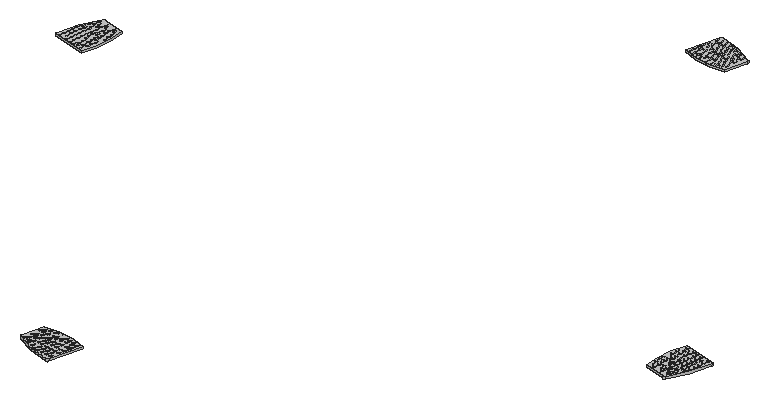
Revit family "PS-C83RT z", category Generic Models, host Ceiling, Revit 2016
Family settings
  Host = Ceiling
  Part Type = Normal
  Can host rebar = No
  Round Connector Dimension = Use Diameter
  Work Plane-Based = No
  Always vertical = Yes
  Cut with Voids When Loaded = No
  Shared = No
  Room Calculation Point = No
Parameters (values of type "Default")
  Width = "11.06"
  Weight Product = "13.41"
  Weight Dimensional = "21.54"
  Speaker Data Link = "https://www.sonance.com/assets/media/files/downloads/PS_C83RT_040438.gll"
  Sensitivity = "91"
  SPL Max = "110"
  Regulatory Compliance = "UL 1480, UL 2043, NFPA 90A, NFPA 70"
  Product Page URL = "https://www.sonance.com/professionalseries/psc83rt"
  Product Documentation Link = "https://www.sonance.com/assets/media/files/downloads/Pro_Series_Spec_Sheet_No_Pricing_040802.pdf"
  Power Peak = "160"
  Power Handling = "160"
  Part Number = "45132"
  Model = "PS-C83RT"
  Manufacturer URL = "https://www.sonance.com"
  Manufacturer = "Sonance"
  Low-Frequency Driver = "8” (203mm) Polypropylene Cone, Butyl Rubber Surround"
  Knockout = "one, side-mounted 0.75\""
  Input Connector = "Four pin Euroblock with loop output connections"
  Impedance = "8"
  High-Frequency Driver = "1” (25mm) Cloth Dome, Pivoting, Ferrofluid cooled"
  Height = "11.06"
  Grille = "Supplied with bezel-less white grille. Optional black grille, or square adapter with black or white grille"
  Frequency Range (-3dB) = "55Hz-20kHz"
  Frequency Range (-10dB) = "41Hz-25kHz"
  Directivity Factor (Q) = "7.6"
  Directivity (DI) = "8.1"
  Description = "8\" 2-way Round In-ceiling Speaker with 70V/100V transformer for commercial applications"
  Depth = "9.84"
  Coverage Vertical = "120"
  Coverage Horizontal = "120"
  70V Taps = "7.5, 15, 30, 60"
  100V Taps = "15, 30, 60"
Reference planes (in)
  plane 1 "Center (Front/Back)": y = 0
  plane 2 "Ceiling": z = 96
  plane 3 "Center (Left/Right)": x = 0
  plane 4 "a": z = 96.75591
Forms (in)
  Extrusion 1, solid, material "192-192-192-0-0.400000005960464_(1)"
    sketch origin (0.97325, 0.45677, 96.81743) x (-0.992793, 0.119839, 0) y (-0.119839, -0.992793, 0)
      loop
        line (-3.49586, 1.10038) -> (-3.77918, 1.1402)
        arc (-3.77918, 1.1402) -> (-3.79607, 1.13774) -> (-3.8065, 1.12423) r 0.02274
        arc (-3.8065, 1.12423) -> (-3.90086, 0.87131) -> (-3.95126, 0.6061) r 1.59618
        arc (-3.95126, 0.6061) -> (-3.94934, 0.58863) -> (-3.93554, 0.57775) r 0.02274
        line (-3.93554, 0.57775) -> (-3.49658, 0.51605)
        arc (-3.49658, 0.51605) -> (-3.45664, 0.80817) -> (-3.49586, 1.10038) r 1.09806
      loop
        line (-3.86102, 0.84031) -> (-3.88604, 0.87071) -> (-3.89986, 0.83385) -> (-3.86102, 0.84031)
      loop
        line (-3.86444, 0.77812) -> (-3.88946, 0.80852) -> (-3.90328, 0.77166) -> (-3.86444, 0.77812)
      loop
        line (-3.86431, 0.71788) -> (-3.88933, 0.74828) -> (-3.90314, 0.71142) -> (-3.86431, 0.71788)
      loop
        line (-3.86153, 0.65524) -> (-3.88654, 0.68563) -> (-3.90036, 0.64877) -> (-3.86153, 0.65524)
      loop
        line (-3.86495, 0.59304) -> (-3.88996, 0.62344) -> (-3.90378, 0.58658) -> (-3.86495, 0.59304)
      loop
        line (-3.79006, 0.87065) -> (-3.81508, 0.90105) -> (-3.8289, 0.86419) -> (-3.79006, 0.87065)
      loop
        line (-3.80409, 0.81666) -> (-3.82911, 0.84706) -> (-3.84293, 0.81019) -> (-3.80409, 0.81666)
      loop
        line (-3.80751, 0.75447) -> (-3.83253, 0.78487) -> (-3.84635, 0.748) -> (-3.80751, 0.75447)
      loop
        line (-3.80738, 0.69423) -> (-3.8324, 0.72463) -> (-3.84622, 0.68776) -> (-3.80738, 0.69423)
      loop
        line (-3.8046, 0.63158) -> (-3.82962, 0.66198) -> (-3.84343, 0.62511) -> (-3.8046, 0.63158)
      loop
        line (-3.73955, 0.88841) -> (-3.76457, 0.91881) -> (-3.77838, 0.88195) -> (-3.73955, 0.88841)
      loop
        line (-3.7496, 0.83508) -> (-3.77462, 0.86548) -> (-3.78843, 0.82862) -> (-3.7496, 0.83508)
      loop
        line (-3.75302, 0.77289) -> (-3.77804, 0.80329) -> (-3.79185, 0.76643) -> (-3.75302, 0.77289)
      loop
        line (-3.75289, 0.71265) -> (-3.7779, 0.74305) -> (-3.79172, 0.70619) -> (-3.75289, 0.71265)
      loop
        line (-3.7501, 0.65) -> (-3.77512, 0.6804) -> (-3.78894, 0.64354) -> (-3.7501, 0.65)
      loop
        line (-3.75352, 0.58781) -> (-3.77854, 0.61821) -> (-3.79236, 0.58135) -> (-3.75352, 0.58781)
      loop
        line (-3.68171, 0.87157) -> (-3.70673, 0.90197) -> (-3.72055, 0.86511) -> (-3.68171, 0.87157)
      loop
        line (-3.69013, 0.8097) -> (-3.71515, 0.8401) -> (-3.72896, 0.80323) -> (-3.69013, 0.8097)
      loop
        line (-3.68973, 0.74492) -> (-3.71475, 0.77532) -> (-3.72856, 0.73845) -> (-3.68973, 0.74492)
      loop
        line (-3.68451, 0.68123) -> (-3.70952, 0.71163) -> (-3.72334, 0.67476) -> (-3.68451, 0.68123)
      loop
        line (-3.69318, 0.62635) -> (-3.7182, 0.65675) -> (-3.73201, 0.61988) -> (-3.69318, 0.62635)
      loop
        line (-3.62903, 0.90294) -> (-3.65405, 0.93334) -> (-3.66787, 0.89647) -> (-3.62903, 0.90294)
      loop
        line (-3.63999, 0.84279) -> (-3.66501, 0.87319) -> (-3.67883, 0.83632) -> (-3.63999, 0.84279)
      loop
        line (-3.63736, 0.78951) -> (-3.66238, 0.81991) -> (-3.6762, 0.78304) -> (-3.63736, 0.78951)
      loop
        line (-3.6261, 0.73473) -> (-3.65112, 0.76512) -> (-3.66493, 0.72826) -> (-3.6261, 0.73473)
      loop
        line (-3.61132, 0.6788) -> (-3.63634, 0.7092) -> (-3.65015, 0.67234) -> (-3.61132, 0.6788)
      loop
        line (-3.60578, 0.61611) -> (-3.6308, 0.64651) -> (-3.64462, 0.60965) -> (-3.60578, 0.61611)
      loop
        line (-3.59524, 0.8671) -> (-3.62026, 0.8975) -> (-3.63407, 0.86064) -> (-3.59524, 0.8671)
      loop
        line (-3.56947, 0.81177) -> (-3.59449, 0.84217) -> (-3.60831, 0.80531) -> (-3.56947, 0.81177)
      loop
        line (-3.55753, 0.75031) -> (-3.58255, 0.78071) -> (-3.59637, 0.74384) -> (-3.55753, 0.75031)
      loop
        line (-3.5459, 0.68785) -> (-3.57092, 0.71825) -> (-3.58474, 0.68138) -> (-3.5459, 0.68785)
      loop
        line (-3.53948, 0.61586) -> (-3.56691, 0.64919) -> (-3.58206, 0.60877) -> (-3.53948, 0.61586)
      loop
        line (-3.54954, 1.06351) -> (-3.57456, 1.09391) -> (-3.58838, 1.05705) -> (-3.54954, 1.06351)
      loop
        line (-3.5605, 1.00337) -> (-3.58552, 1.03377) -> (-3.59934, 0.9969) -> (-3.5605, 1.00337)
      loop
        line (-3.55788, 0.95009) -> (-3.58289, 0.98048) -> (-3.59671, 0.94362) -> (-3.55788, 0.95009)
      loop
        line (-3.54661, 0.8953) -> (-3.57163, 0.9257) -> (-3.58544, 0.88884) -> (-3.54661, 0.8953)
      loop
        line (-3.53183, 0.83938) -> (-3.55685, 0.86978) -> (-3.57066, 0.83291) -> (-3.53183, 0.83938)
      loop
        line (-3.52629, 0.77669) -> (-3.55131, 0.80709) -> (-3.56513, 0.77022) -> (-3.52629, 0.77669)
      loop
        line (-3.51575, 1.02768) -> (-3.54077, 1.05808) -> (-3.55458, 1.02121) -> (-3.51575, 1.02768)
      loop
        line (-3.48998, 0.97235) -> (-3.515, 1.00275) -> (-3.52882, 0.96588) -> (-3.48998, 0.97235)
      loop
        line (-3.47804, 0.91089) -> (-3.50306, 0.94129) -> (-3.51688, 0.90442) -> (-3.47804, 0.91089)
      loop
        line (-3.46641, 0.84842) -> (-3.49143, 0.87882) -> (-3.50525, 0.84196) -> (-3.46641, 0.84842)
      loop
        line (-3.66945, 1.06351) -> (-3.69447, 1.09391) -> (-3.70829, 1.05705) -> (-3.66945, 1.06351)
      loop
        line (-3.68041, 1.00337) -> (-3.70543, 1.03377) -> (-3.71924, 0.9969) -> (-3.68041, 1.00337)
      loop
        line (-3.67163, 0.93932) -> (-3.69665, 0.96972) -> (-3.71047, 0.93285) -> (-3.67163, 0.93932)
      loop
        line (-3.63566, 1.02768) -> (-3.66067, 1.05808) -> (-3.67449, 1.02121) -> (-3.63566, 1.02768)
      loop
        line (-3.60989, 0.97235) -> (-3.63491, 1.00275) -> (-3.64873, 0.96588) -> (-3.60989, 0.97235)
      loop
        line (-3.7685, 1.06351) -> (-3.79352, 1.09391) -> (-3.80734, 1.05705) -> (-3.7685, 1.06351)
      loop
        line (-3.77946, 1.00337) -> (-3.80448, 1.03377) -> (-3.8183, 0.9969) -> (-3.77946, 1.00337)
      loop
        line (-3.763, 0.94547) -> (-3.78801, 0.97587) -> (-3.80183, 0.939) -> (-3.763, 0.94547)
      loop
        line (-3.73471, 1.02768) -> (-3.75973, 1.05808) -> (-3.77355, 1.02121) -> (-3.73471, 1.02768)
      loop
        line (-3.70895, 0.97235) -> (-3.73396, 1.00275) -> (-3.74778, 0.96588) -> (-3.70895, 0.97235)
      loop
        line (-3.48679, 0.74001) -> (-3.51181, 0.77041) -> (-3.52562, 0.73354) -> (-3.48679, 0.74001)
      loop
        line (-3.49775, 0.67986) -> (-3.52277, 0.71026) -> (-3.53658, 0.67339) -> (-3.49775, 0.67986)
      loop
        line (-3.49512, 0.62658) -> (-3.52014, 0.65698) -> (-3.53396, 0.62011) -> (-3.49512, 0.62658)
      loop
        line (-3.68476, 0.57161) -> (-3.70978, 0.60201) -> (-3.7236, 0.56514) -> (-3.68476, 0.57161)
      loop
        line (-3.62702, 0.56198) -> (-3.65204, 0.59238) -> (-3.66586, 0.55551) -> (-3.62702, 0.56198)
      loop
        line (-3.58025, 0.56977) -> (-3.60527, 0.60017) -> (-3.61909, 0.5633) -> (-3.58025, 0.56977)
      loop
        line (-3.52242, 0.5593) -> (-3.54744, 0.5897) -> (-3.56126, 0.55284) -> (-3.52242, 0.5593)
      loop
        line (-3.82985, 0.89057) -> (-3.85487, 0.92097) -> (-3.86869, 0.8841) -> (-3.82985, 0.89057)
      loop
        line (-3.81355, 0.96385) -> (-3.83857, 0.99425) -> (-3.85239, 0.95738) -> (-3.81355, 0.96385)
    from 0.63976 to 0.66455
  Extrusion 2, solid, material "192-192-192-0-0.400000005960464_(1)"
    sketch origin (-0.45617, 0.97353, 96.81743) x (-0.12045, -0.992719, 0) y (0.992719, -0.12045, 0)
      loop
        line (-3.49586, 1.10038) -> (-3.77918, 1.1402)
        arc (-3.77918, 1.1402) -> (-3.79607, 1.13774) -> (-3.8065, 1.12423) r 0.02274
        arc (-3.8065, 1.12423) -> (-3.90086, 0.87131) -> (-3.95126, 0.6061) r 1.59618
        arc (-3.95126, 0.6061) -> (-3.94934, 0.58863) -> (-3.93554, 0.57775) r 0.02274
        line (-3.93554, 0.57775) -> (-3.49658, 0.51605)
        arc (-3.49658, 0.51605) -> (-3.45664, 0.80817) -> (-3.49586, 1.10038) r 1.09806
      loop
        line (-3.86102, 0.84031) -> (-3.88604, 0.87071) -> (-3.89986, 0.83385) -> (-3.86102, 0.84031)
      loop
        line (-3.86444, 0.77812) -> (-3.88946, 0.80852) -> (-3.90328, 0.77166) -> (-3.86444, 0.77812)
      loop
        line (-3.86431, 0.71788) -> (-3.88933, 0.74828) -> (-3.90314, 0.71142) -> (-3.86431, 0.71788)
      loop
        line (-3.86153, 0.65524) -> (-3.88654, 0.68563) -> (-3.90036, 0.64877) -> (-3.86153, 0.65524)
      loop
        line (-3.86495, 0.59304) -> (-3.88996, 0.62344) -> (-3.90378, 0.58658) -> (-3.86495, 0.59304)
      loop
        line (-3.79006, 0.87065) -> (-3.81508, 0.90105) -> (-3.8289, 0.86419) -> (-3.79006, 0.87065)
      loop
        line (-3.80409, 0.81666) -> (-3.82911, 0.84706) -> (-3.84293, 0.81019) -> (-3.80409, 0.81666)
      loop
        line (-3.80751, 0.75447) -> (-3.83253, 0.78487) -> (-3.84635, 0.748) -> (-3.80751, 0.75447)
      loop
        line (-3.80738, 0.69423) -> (-3.8324, 0.72463) -> (-3.84622, 0.68776) -> (-3.80738, 0.69423)
      loop
        line (-3.8046, 0.63158) -> (-3.82962, 0.66198) -> (-3.84343, 0.62511) -> (-3.8046, 0.63158)
      loop
        line (-3.73955, 0.88841) -> (-3.76457, 0.91881) -> (-3.77838, 0.88195) -> (-3.73955, 0.88841)
      loop
        line (-3.7496, 0.83508) -> (-3.77462, 0.86548) -> (-3.78843, 0.82862) -> (-3.7496, 0.83508)
      loop
        line (-3.75302, 0.77289) -> (-3.77804, 0.80329) -> (-3.79185, 0.76643) -> (-3.75302, 0.77289)
      loop
        line (-3.75289, 0.71265) -> (-3.7779, 0.74305) -> (-3.79172, 0.70619) -> (-3.75289, 0.71265)
      loop
        line (-3.7501, 0.65) -> (-3.77512, 0.6804) -> (-3.78894, 0.64354) -> (-3.7501, 0.65)
      loop
        line (-3.75352, 0.58781) -> (-3.77854, 0.61821) -> (-3.79236, 0.58135) -> (-3.75352, 0.58781)
      loop
        line (-3.68171, 0.87157) -> (-3.70673, 0.90197) -> (-3.72055, 0.86511) -> (-3.68171, 0.87157)
      loop
        line (-3.69013, 0.8097) -> (-3.71515, 0.8401) -> (-3.72896, 0.80323) -> (-3.69013, 0.8097)
      loop
        line (-3.68973, 0.74492) -> (-3.71475, 0.77532) -> (-3.72856, 0.73845) -> (-3.68973, 0.74492)
      loop
        line (-3.68451, 0.68123) -> (-3.70952, 0.71163) -> (-3.72334, 0.67476) -> (-3.68451, 0.68123)
      loop
        line (-3.69318, 0.62635) -> (-3.7182, 0.65675) -> (-3.73201, 0.61988) -> (-3.69318, 0.62635)
      loop
        line (-3.62903, 0.90294) -> (-3.65405, 0.93334) -> (-3.66787, 0.89647) -> (-3.62903, 0.90294)
      loop
        line (-3.63999, 0.84279) -> (-3.66501, 0.87319) -> (-3.67883, 0.83632) -> (-3.63999, 0.84279)
      loop
        line (-3.63736, 0.78951) -> (-3.66238, 0.81991) -> (-3.6762, 0.78304) -> (-3.63736, 0.78951)
      loop
        line (-3.6261, 0.73473) -> (-3.65112, 0.76512) -> (-3.66493, 0.72826) -> (-3.6261, 0.73473)
      loop
        line (-3.61132, 0.6788) -> (-3.63634, 0.7092) -> (-3.65015, 0.67234) -> (-3.61132, 0.6788)
      loop
        line (-3.60578, 0.61611) -> (-3.6308, 0.64651) -> (-3.64462, 0.60965) -> (-3.60578, 0.61611)
      loop
        line (-3.59524, 0.8671) -> (-3.62026, 0.8975) -> (-3.63407, 0.86064) -> (-3.59524, 0.8671)
      loop
        line (-3.56947, 0.81177) -> (-3.59449, 0.84217) -> (-3.60831, 0.80531) -> (-3.56947, 0.81177)
      loop
        line (-3.55753, 0.75031) -> (-3.58255, 0.78071) -> (-3.59637, 0.74384) -> (-3.55753, 0.75031)
      loop
        line (-3.5459, 0.68785) -> (-3.57092, 0.71825) -> (-3.58474, 0.68138) -> (-3.5459, 0.68785)
      loop
        line (-3.53948, 0.61586) -> (-3.56691, 0.64919) -> (-3.58206, 0.60877) -> (-3.53948, 0.61586)
      loop
        line (-3.54954, 1.06351) -> (-3.57456, 1.09391) -> (-3.58838, 1.05705) -> (-3.54954, 1.06351)
      loop
        line (-3.5605, 1.00337) -> (-3.58552, 1.03377) -> (-3.59934, 0.9969) -> (-3.5605, 1.00337)
      loop
        line (-3.55788, 0.95009) -> (-3.58289, 0.98048) -> (-3.59671, 0.94362) -> (-3.55788, 0.95009)
      loop
        line (-3.54661, 0.8953) -> (-3.57163, 0.9257) -> (-3.58544, 0.88884) -> (-3.54661, 0.8953)
      loop
        line (-3.53183, 0.83938) -> (-3.55685, 0.86978) -> (-3.57066, 0.83291) -> (-3.53183, 0.83938)
      loop
        line (-3.52629, 0.77669) -> (-3.55131, 0.80709) -> (-3.56513, 0.77022) -> (-3.52629, 0.77669)
      loop
        line (-3.51575, 1.02768) -> (-3.54077, 1.05808) -> (-3.55458, 1.02121) -> (-3.51575, 1.02768)
      loop
        line (-3.48998, 0.97235) -> (-3.515, 1.00275) -> (-3.52882, 0.96588) -> (-3.48998, 0.97235)
      loop
        line (-3.47804, 0.91089) -> (-3.50306, 0.94129) -> (-3.51688, 0.90442) -> (-3.47804, 0.91089)
      loop
        line (-3.46641, 0.84842) -> (-3.49143, 0.87882) -> (-3.50525, 0.84196) -> (-3.46641, 0.84842)
      loop
        line (-3.66945, 1.06351) -> (-3.69447, 1.09391) -> (-3.70829, 1.05705) -> (-3.66945, 1.06351)
      loop
        line (-3.68041, 1.00337) -> (-3.70543, 1.03377) -> (-3.71924, 0.9969) -> (-3.68041, 1.00337)
      loop
        line (-3.67163, 0.93932) -> (-3.69665, 0.96972) -> (-3.71047, 0.93285) -> (-3.67163, 0.93932)
      loop
        line (-3.63566, 1.02768) -> (-3.66067, 1.05808) -> (-3.67449, 1.02121) -> (-3.63566, 1.02768)
      loop
        line (-3.60989, 0.97235) -> (-3.63491, 1.00275) -> (-3.64873, 0.96588) -> (-3.60989, 0.97235)
      loop
        line (-3.7685, 1.06351) -> (-3.79352, 1.09391) -> (-3.80734, 1.05705) -> (-3.7685, 1.06351)
      loop
        line (-3.77946, 1.00337) -> (-3.80448, 1.03377) -> (-3.8183, 0.9969) -> (-3.77946, 1.00337)
      loop
        line (-3.763, 0.94547) -> (-3.78801, 0.97587) -> (-3.80183, 0.939) -> (-3.763, 0.94547)
      loop
        line (-3.73471, 1.02768) -> (-3.75973, 1.05808) -> (-3.77355, 1.02121) -> (-3.73471, 1.02768)
      loop
        line (-3.70895, 0.97235) -> (-3.73396, 1.00275) -> (-3.74778, 0.96588) -> (-3.70895, 0.97235)
      loop
        line (-3.48679, 0.74001) -> (-3.51181, 0.77041) -> (-3.52562, 0.73354) -> (-3.48679, 0.74001)
      loop
        line (-3.49775, 0.67986) -> (-3.52277, 0.71026) -> (-3.53658, 0.67339) -> (-3.49775, 0.67986)
      loop
        line (-3.49512, 0.62658) -> (-3.52014, 0.65698) -> (-3.53396, 0.62011) -> (-3.49512, 0.62658)
      loop
        line (-3.68476, 0.57161) -> (-3.70978, 0.60201) -> (-3.7236, 0.56514) -> (-3.68476, 0.57161)
      loop
        line (-3.62702, 0.56198) -> (-3.65204, 0.59238) -> (-3.66586, 0.55551) -> (-3.62702, 0.56198)
      loop
        line (-3.58025, 0.56977) -> (-3.60527, 0.60017) -> (-3.61909, 0.5633) -> (-3.58025, 0.56977)
      loop
        line (-3.52242, 0.5593) -> (-3.54744, 0.5897) -> (-3.56126, 0.55284) -> (-3.52242, 0.5593)
      loop
        line (-3.82985, 0.89057) -> (-3.85487, 0.92097) -> (-3.86869, 0.8841) -> (-3.82985, 0.89057)
      loop
        line (-3.81355, 0.96385) -> (-3.83857, 0.99425) -> (-3.85239, 0.95738) -> (-3.81355, 0.96385)
    from 0.63976 to 0.66455
  Extrusion 3, solid, material "192-192-192-0-0.400000005960464_(1)"
    sketch origin (-0.97318, -0.45691, 96.81743) x (0.992811, -0.119691, 0) y (0.119691, 0.992811, 0)
      loop
        line (-3.49586, 1.10038) -> (-3.77918, 1.1402)
        arc (-3.77918, 1.1402) -> (-3.79607, 1.13774) -> (-3.8065, 1.12423) r 0.02274
        arc (-3.8065, 1.12423) -> (-3.90086, 0.87131) -> (-3.95126, 0.6061) r 1.59618
        arc (-3.95126, 0.6061) -> (-3.94934, 0.58863) -> (-3.93554, 0.57775) r 0.02274
        line (-3.93554, 0.57775) -> (-3.49658, 0.51605)
        arc (-3.49658, 0.51605) -> (-3.45664, 0.80817) -> (-3.49586, 1.10038) r 1.09806
      loop
        line (-3.86102, 0.84031) -> (-3.88604, 0.87071) -> (-3.89986, 0.83385) -> (-3.86102, 0.84031)
      loop
        line (-3.86444, 0.77812) -> (-3.88946, 0.80852) -> (-3.90328, 0.77166) -> (-3.86444, 0.77812)
      loop
        line (-3.86431, 0.71788) -> (-3.88933, 0.74828) -> (-3.90314, 0.71142) -> (-3.86431, 0.71788)
      loop
        line (-3.86153, 0.65524) -> (-3.88654, 0.68563) -> (-3.90036, 0.64877) -> (-3.86153, 0.65524)
      loop
        line (-3.86495, 0.59304) -> (-3.88996, 0.62344) -> (-3.90378, 0.58658) -> (-3.86495, 0.59304)
      loop
        line (-3.79006, 0.87065) -> (-3.81508, 0.90105) -> (-3.8289, 0.86419) -> (-3.79006, 0.87065)
      loop
        line (-3.80409, 0.81666) -> (-3.82911, 0.84706) -> (-3.84293, 0.81019) -> (-3.80409, 0.81666)
      loop
        line (-3.80751, 0.75447) -> (-3.83253, 0.78487) -> (-3.84635, 0.748) -> (-3.80751, 0.75447)
      loop
        line (-3.80738, 0.69423) -> (-3.8324, 0.72463) -> (-3.84622, 0.68776) -> (-3.80738, 0.69423)
      loop
        line (-3.8046, 0.63158) -> (-3.82962, 0.66198) -> (-3.84343, 0.62511) -> (-3.8046, 0.63158)
      loop
        line (-3.73955, 0.88841) -> (-3.76457, 0.91881) -> (-3.77838, 0.88195) -> (-3.73955, 0.88841)
      loop
        line (-3.7496, 0.83508) -> (-3.77462, 0.86548) -> (-3.78843, 0.82862) -> (-3.7496, 0.83508)
      loop
        line (-3.75302, 0.77289) -> (-3.77804, 0.80329) -> (-3.79185, 0.76643) -> (-3.75302, 0.77289)
      loop
        line (-3.75289, 0.71265) -> (-3.7779, 0.74305) -> (-3.79172, 0.70619) -> (-3.75289, 0.71265)
      loop
        line (-3.7501, 0.65) -> (-3.77512, 0.6804) -> (-3.78894, 0.64354) -> (-3.7501, 0.65)
      loop
        line (-3.75352, 0.58781) -> (-3.77854, 0.61821) -> (-3.79236, 0.58135) -> (-3.75352, 0.58781)
      loop
        line (-3.68171, 0.87157) -> (-3.70673, 0.90197) -> (-3.72055, 0.86511) -> (-3.68171, 0.87157)
      loop
        line (-3.69013, 0.8097) -> (-3.71515, 0.8401) -> (-3.72896, 0.80323) -> (-3.69013, 0.8097)
      loop
        line (-3.68973, 0.74492) -> (-3.71475, 0.77532) -> (-3.72856, 0.73845) -> (-3.68973, 0.74492)
      loop
        line (-3.68451, 0.68123) -> (-3.70952, 0.71163) -> (-3.72334, 0.67476) -> (-3.68451, 0.68123)
      loop
        line (-3.69318, 0.62635) -> (-3.7182, 0.65675) -> (-3.73201, 0.61988) -> (-3.69318, 0.62635)
      loop
        line (-3.62903, 0.90294) -> (-3.65405, 0.93334) -> (-3.66787, 0.89647) -> (-3.62903, 0.90294)
      loop
        line (-3.63999, 0.84279) -> (-3.66501, 0.87319) -> (-3.67883, 0.83632) -> (-3.63999, 0.84279)
      loop
        line (-3.63736, 0.78951) -> (-3.66238, 0.81991) -> (-3.6762, 0.78304) -> (-3.63736, 0.78951)
      loop
        line (-3.6261, 0.73473) -> (-3.65112, 0.76512) -> (-3.66493, 0.72826) -> (-3.6261, 0.73473)
      loop
        line (-3.61132, 0.6788) -> (-3.63634, 0.7092) -> (-3.65015, 0.67234) -> (-3.61132, 0.6788)
      loop
        line (-3.60578, 0.61611) -> (-3.6308, 0.64651) -> (-3.64462, 0.60965) -> (-3.60578, 0.61611)
      loop
        line (-3.59524, 0.8671) -> (-3.62026, 0.8975) -> (-3.63407, 0.86064) -> (-3.59524, 0.8671)
      loop
        line (-3.56947, 0.81177) -> (-3.59449, 0.84217) -> (-3.60831, 0.80531) -> (-3.56947, 0.81177)
      loop
        line (-3.55753, 0.75031) -> (-3.58255, 0.78071) -> (-3.59637, 0.74384) -> (-3.55753, 0.75031)
      loop
        line (-3.5459, 0.68785) -> (-3.57092, 0.71825) -> (-3.58474, 0.68138) -> (-3.5459, 0.68785)
      loop
        line (-3.53948, 0.61586) -> (-3.56691, 0.64919) -> (-3.58206, 0.60877) -> (-3.53948, 0.61586)
      loop
        line (-3.54954, 1.06351) -> (-3.57456, 1.09391) -> (-3.58838, 1.05705) -> (-3.54954, 1.06351)
      loop
        line (-3.5605, 1.00337) -> (-3.58552, 1.03377) -> (-3.59934, 0.9969) -> (-3.5605, 1.00337)
      loop
        line (-3.55788, 0.95009) -> (-3.58289, 0.98048) -> (-3.59671, 0.94362) -> (-3.55788, 0.95009)
      loop
        line (-3.54661, 0.8953) -> (-3.57163, 0.9257) -> (-3.58544, 0.88884) -> (-3.54661, 0.8953)
      loop
        line (-3.53183, 0.83938) -> (-3.55685, 0.86978) -> (-3.57066, 0.83291) -> (-3.53183, 0.83938)
      loop
        line (-3.52629, 0.77669) -> (-3.55131, 0.80709) -> (-3.56513, 0.77022) -> (-3.52629, 0.77669)
      loop
        line (-3.51575, 1.02768) -> (-3.54077, 1.05808) -> (-3.55458, 1.02121) -> (-3.51575, 1.02768)
      loop
        line (-3.48998, 0.97235) -> (-3.515, 1.00275) -> (-3.52882, 0.96588) -> (-3.48998, 0.97235)
      loop
        line (-3.47804, 0.91089) -> (-3.50306, 0.94129) -> (-3.51688, 0.90442) -> (-3.47804, 0.91089)
      loop
        line (-3.46641, 0.84842) -> (-3.49143, 0.87882) -> (-3.50525, 0.84196) -> (-3.46641, 0.84842)
      loop
        line (-3.66945, 1.06351) -> (-3.69447, 1.09391) -> (-3.70829, 1.05705) -> (-3.66945, 1.06351)
      loop
        line (-3.68041, 1.00337) -> (-3.70543, 1.03377) -> (-3.71924, 0.9969) -> (-3.68041, 1.00337)
      loop
        line (-3.67163, 0.93932) -> (-3.69665, 0.96972) -> (-3.71047, 0.93285) -> (-3.67163, 0.93932)
      loop
        line (-3.63566, 1.02768) -> (-3.66067, 1.05808) -> (-3.67449, 1.02121) -> (-3.63566, 1.02768)
      loop
        line (-3.60989, 0.97235) -> (-3.63491, 1.00275) -> (-3.64873, 0.96588) -> (-3.60989, 0.97235)
      loop
        line (-3.7685, 1.06351) -> (-3.79352, 1.09391) -> (-3.80734, 1.05705) -> (-3.7685, 1.06351)
      loop
        line (-3.77946, 1.00337) -> (-3.80448, 1.03377) -> (-3.8183, 0.9969) -> (-3.77946, 1.00337)
      loop
        line (-3.763, 0.94547) -> (-3.78801, 0.97587) -> (-3.80183, 0.939) -> (-3.763, 0.94547)
      loop
        line (-3.73471, 1.02768) -> (-3.75973, 1.05808) -> (-3.77355, 1.02121) -> (-3.73471, 1.02768)
      loop
        line (-3.70895, 0.97235) -> (-3.73396, 1.00275) -> (-3.74778, 0.96588) -> (-3.70895, 0.97235)
      loop
        line (-3.48679, 0.74001) -> (-3.51181, 0.77041) -> (-3.52562, 0.73354) -> (-3.48679, 0.74001)
      loop
        line (-3.49775, 0.67986) -> (-3.52277, 0.71026) -> (-3.53658, 0.67339) -> (-3.49775, 0.67986)
      loop
        line (-3.49512, 0.62658) -> (-3.52014, 0.65698) -> (-3.53396, 0.62011) -> (-3.49512, 0.62658)
      loop
        line (-3.68476, 0.57161) -> (-3.70978, 0.60201) -> (-3.7236, 0.56514) -> (-3.68476, 0.57161)
      loop
        line (-3.62702, 0.56198) -> (-3.65204, 0.59238) -> (-3.66586, 0.55551) -> (-3.62702, 0.56198)
      loop
        line (-3.58025, 0.56977) -> (-3.60527, 0.60017) -> (-3.61909, 0.5633) -> (-3.58025, 0.56977)
      loop
        line (-3.52242, 0.5593) -> (-3.54744, 0.5897) -> (-3.56126, 0.55284) -> (-3.52242, 0.5593)
      loop
        line (-3.82985, 0.89057) -> (-3.85487, 0.92097) -> (-3.86869, 0.8841) -> (-3.82985, 0.89057)
      loop
        line (-3.81355, 0.96385) -> (-3.83857, 0.99425) -> (-3.85239, 0.95738) -> (-3.81355, 0.96385)
    from 0.63976 to 0.66455
  Extrusion 4, solid, material "192-192-192-0-0.400000005960464_(1)"
    sketch origin (0.45681, -0.97323, 96.81743) x (0.119794, 0.992799, 0) y (-0.992799, 0.119794, 0)
      loop
        line (-3.49586, 1.10038) -> (-3.77918, 1.1402)
        arc (-3.77918, 1.1402) -> (-3.79607, 1.13774) -> (-3.8065, 1.12423) r 0.02274
        arc (-3.8065, 1.12423) -> (-3.90086, 0.87131) -> (-3.95126, 0.6061) r 1.59618
        arc (-3.95126, 0.6061) -> (-3.94934, 0.58863) -> (-3.93554, 0.57775) r 0.02274
        line (-3.93554, 0.57775) -> (-3.49658, 0.51605)
        arc (-3.49658, 0.51605) -> (-3.45664, 0.80817) -> (-3.49586, 1.10038) r 1.09806
      loop
        line (-3.86102, 0.84031) -> (-3.88604, 0.87071) -> (-3.89986, 0.83385) -> (-3.86102, 0.84031)
      loop
        line (-3.86444, 0.77812) -> (-3.88946, 0.80852) -> (-3.90328, 0.77166) -> (-3.86444, 0.77812)
      loop
        line (-3.86431, 0.71788) -> (-3.88933, 0.74828) -> (-3.90314, 0.71142) -> (-3.86431, 0.71788)
      loop
        line (-3.86153, 0.65524) -> (-3.88654, 0.68563) -> (-3.90036, 0.64877) -> (-3.86153, 0.65524)
      loop
        line (-3.86495, 0.59304) -> (-3.88996, 0.62344) -> (-3.90378, 0.58658) -> (-3.86495, 0.59304)
      loop
        line (-3.79006, 0.87065) -> (-3.81508, 0.90105) -> (-3.8289, 0.86419) -> (-3.79006, 0.87065)
      loop
        line (-3.80409, 0.81666) -> (-3.82911, 0.84706) -> (-3.84293, 0.81019) -> (-3.80409, 0.81666)
      loop
        line (-3.80751, 0.75447) -> (-3.83253, 0.78487) -> (-3.84635, 0.748) -> (-3.80751, 0.75447)
      loop
        line (-3.80738, 0.69423) -> (-3.8324, 0.72463) -> (-3.84622, 0.68776) -> (-3.80738, 0.69423)
      loop
        line (-3.8046, 0.63158) -> (-3.82962, 0.66198) -> (-3.84343, 0.62511) -> (-3.8046, 0.63158)
      loop
        line (-3.73955, 0.88841) -> (-3.76457, 0.91881) -> (-3.77838, 0.88195) -> (-3.73955, 0.88841)
      loop
        line (-3.7496, 0.83508) -> (-3.77462, 0.86548) -> (-3.78843, 0.82862) -> (-3.7496, 0.83508)
      loop
        line (-3.75302, 0.77289) -> (-3.77804, 0.80329) -> (-3.79185, 0.76643) -> (-3.75302, 0.77289)
      loop
        line (-3.75289, 0.71265) -> (-3.7779, 0.74305) -> (-3.79172, 0.70619) -> (-3.75289, 0.71265)
      loop
        line (-3.7501, 0.65) -> (-3.77512, 0.6804) -> (-3.78894, 0.64354) -> (-3.7501, 0.65)
      loop
        line (-3.75352, 0.58781) -> (-3.77854, 0.61821) -> (-3.79236, 0.58135) -> (-3.75352, 0.58781)
      loop
        line (-3.68171, 0.87157) -> (-3.70673, 0.90197) -> (-3.72055, 0.86511) -> (-3.68171, 0.87157)
      loop
        line (-3.69013, 0.8097) -> (-3.71515, 0.8401) -> (-3.72896, 0.80323) -> (-3.69013, 0.8097)
      loop
        line (-3.68973, 0.74492) -> (-3.71475, 0.77532) -> (-3.72856, 0.73845) -> (-3.68973, 0.74492)
      loop
        line (-3.68451, 0.68123) -> (-3.70952, 0.71163) -> (-3.72334, 0.67476) -> (-3.68451, 0.68123)
      loop
        line (-3.69318, 0.62635) -> (-3.7182, 0.65675) -> (-3.73201, 0.61988) -> (-3.69318, 0.62635)
      loop
        line (-3.62903, 0.90294) -> (-3.65405, 0.93334) -> (-3.66787, 0.89647) -> (-3.62903, 0.90294)
      loop
        line (-3.63999, 0.84279) -> (-3.66501, 0.87319) -> (-3.67883, 0.83632) -> (-3.63999, 0.84279)
      loop
        line (-3.63736, 0.78951) -> (-3.66238, 0.81991) -> (-3.6762, 0.78304) -> (-3.63736, 0.78951)
      loop
        line (-3.6261, 0.73473) -> (-3.65112, 0.76512) -> (-3.66493, 0.72826) -> (-3.6261, 0.73473)
      loop
        line (-3.61132, 0.6788) -> (-3.63634, 0.7092) -> (-3.65015, 0.67234) -> (-3.61132, 0.6788)
      loop
        line (-3.60578, 0.61611) -> (-3.6308, 0.64651) -> (-3.64462, 0.60965) -> (-3.60578, 0.61611)
      loop
        line (-3.59524, 0.8671) -> (-3.62026, 0.8975) -> (-3.63407, 0.86064) -> (-3.59524, 0.8671)
      loop
        line (-3.56947, 0.81177) -> (-3.59449, 0.84217) -> (-3.60831, 0.80531) -> (-3.56947, 0.81177)
      loop
        line (-3.55753, 0.75031) -> (-3.58255, 0.78071) -> (-3.59637, 0.74384) -> (-3.55753, 0.75031)
      loop
        line (-3.5459, 0.68785) -> (-3.57092, 0.71825) -> (-3.58474, 0.68138) -> (-3.5459, 0.68785)
      loop
        line (-3.53948, 0.61586) -> (-3.56691, 0.64919) -> (-3.58206, 0.60877) -> (-3.53948, 0.61586)
      loop
        line (-3.54954, 1.06351) -> (-3.57456, 1.09391) -> (-3.58838, 1.05705) -> (-3.54954, 1.06351)
      loop
        line (-3.5605, 1.00337) -> (-3.58552, 1.03377) -> (-3.59934, 0.9969) -> (-3.5605, 1.00337)
      loop
        line (-3.55788, 0.95009) -> (-3.58289, 0.98048) -> (-3.59671, 0.94362) -> (-3.55788, 0.95009)
      loop
        line (-3.54661, 0.8953) -> (-3.57163, 0.9257) -> (-3.58544, 0.88884) -> (-3.54661, 0.8953)
      loop
        line (-3.53183, 0.83938) -> (-3.55685, 0.86978) -> (-3.57066, 0.83291) -> (-3.53183, 0.83938)
      loop
        line (-3.52629, 0.77669) -> (-3.55131, 0.80709) -> (-3.56513, 0.77022) -> (-3.52629, 0.77669)
      loop
        line (-3.51575, 1.02768) -> (-3.54077, 1.05808) -> (-3.55458, 1.02121) -> (-3.51575, 1.02768)
      loop
        line (-3.48998, 0.97235) -> (-3.515, 1.00275) -> (-3.52882, 0.96588) -> (-3.48998, 0.97235)
      loop
        line (-3.47804, 0.91089) -> (-3.50306, 0.94129) -> (-3.51688, 0.90442) -> (-3.47804, 0.91089)
      loop
        line (-3.46641, 0.84842) -> (-3.49143, 0.87882) -> (-3.50525, 0.84196) -> (-3.46641, 0.84842)
      loop
        line (-3.66945, 1.06351) -> (-3.69447, 1.09391) -> (-3.70829, 1.05705) -> (-3.66945, 1.06351)
      loop
        line (-3.68041, 1.00337) -> (-3.70543, 1.03377) -> (-3.71924, 0.9969) -> (-3.68041, 1.00337)
      loop
        line (-3.67163, 0.93932) -> (-3.69665, 0.96972) -> (-3.71047, 0.93285) -> (-3.67163, 0.93932)
      loop
        line (-3.63566, 1.02768) -> (-3.66067, 1.05808) -> (-3.67449, 1.02121) -> (-3.63566, 1.02768)
      loop
        line (-3.60989, 0.97235) -> (-3.63491, 1.00275) -> (-3.64873, 0.96588) -> (-3.60989, 0.97235)
      loop
        line (-3.7685, 1.06351) -> (-3.79352, 1.09391) -> (-3.80734, 1.05705) -> (-3.7685, 1.06351)
      loop
        line (-3.77946, 1.00337) -> (-3.80448, 1.03377) -> (-3.8183, 0.9969) -> (-3.77946, 1.00337)
      loop
        line (-3.763, 0.94547) -> (-3.78801, 0.97587) -> (-3.80183, 0.939) -> (-3.763, 0.94547)
      loop
        line (-3.73471, 1.02768) -> (-3.75973, 1.05808) -> (-3.77355, 1.02121) -> (-3.73471, 1.02768)
      loop
        line (-3.70895, 0.97235) -> (-3.73396, 1.00275) -> (-3.74778, 0.96588) -> (-3.70895, 0.97235)
      loop
        line (-3.48679, 0.74001) -> (-3.51181, 0.77041) -> (-3.52562, 0.73354) -> (-3.48679, 0.74001)
      loop
        line (-3.49775, 0.67986) -> (-3.52277, 0.71026) -> (-3.53658, 0.67339) -> (-3.49775, 0.67986)
      loop
        line (-3.49512, 0.62658) -> (-3.52014, 0.65698) -> (-3.53396, 0.62011) -> (-3.49512, 0.62658)
      loop
        line (-3.68476, 0.57161) -> (-3.70978, 0.60201) -> (-3.7236, 0.56514) -> (-3.68476, 0.57161)
      loop
        line (-3.62702, 0.56198) -> (-3.65204, 0.59238) -> (-3.66586, 0.55551) -> (-3.62702, 0.56198)
      loop
        line (-3.58025, 0.56977) -> (-3.60527, 0.60017) -> (-3.61909, 0.5633) -> (-3.58025, 0.56977)
      loop
        line (-3.52242, 0.5593) -> (-3.54744, 0.5897) -> (-3.56126, 0.55284) -> (-3.52242, 0.5593)
      loop
        line (-3.82985, 0.89057) -> (-3.85487, 0.92097) -> (-3.86869, 0.8841) -> (-3.82985, 0.89057)
      loop
        line (-3.81355, 0.96385) -> (-3.83857, 0.99425) -> (-3.85239, 0.95738) -> (-3.81355, 0.96385)
    from 0.63976 to 0.66455
Lines and regions (in)
  Opening 1
    outline origin (0, 0, 96) x (1, 0, 0) y (0, 1, 0)
      loop
        circle (0, 0) r 5.50242
Dimensions and locks (in)
  equal spacing: host sketch curve, plane 3 "Center (Left/Right)", host sketch curve
  equal spacing: host sketch curve, plane 1 "Center (Front/Back)", host sketch curve
  host sketch curve to host sketch curve = 120.000"  (x2)
